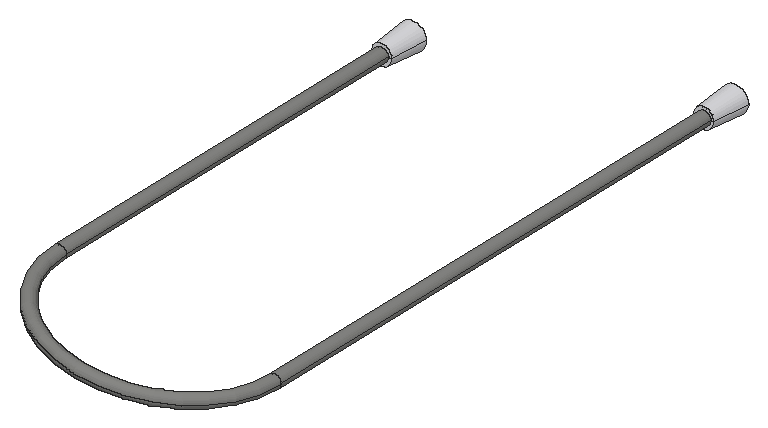
Revit family "Shower-Shower_Hose-KOHLER-K-11628BR_1", category Plumbing Fixtures, host Face, Revit 2017
Family settings
  Host = Face
  Round Connector Dimension = Use Diameter
  Part Type = Normal
  OmniClass Number = 23.31.17.00
  OmniClass Title = Showers
  Cut with Voids When Loaded = No
  Shared = No
  Room Calculation Point = No
Parameters (values of type "CP-Polished Chrome")
  Width = 1/2"  # constant formula
  WaterSense Certified = 1 = 0  # no
  Waste Water Outlet = "Waste Water Outlet"  # constant formula
  Waste Connection = 1 = 0  # no
  Vent Connection = 1 = 0  # no
  URL = "https://br.kohler.com/"
  Type = 1
  Tempered Water Supply2 = "Tempered Water Supply2"  # constant formula
  Tempered Water Supply1 = "Tempered Water Supply1"  # constant formula
  Product Page URL = "https://br.kohler.com/product-detail/11628br?skuid=K-11628BR-CP"
  Product Name = ""
  Product Documentation Link = "http://resources.kohler.com/plumbing/kohlerbrazil/pdf/K-11628BR_spec_br.pdf"
  Pipe Finish = Kohler-Plastic-58-Thunder_Grey
  Model = if(Type = 1, "K-11628BR-CP", if(Type = 2, "K-11628BR-BN", if(Type = 3, "K-11628BR-BL", if(Type = 4, "K-11628BR-RGD", "NA"))))  # "K-11628BR-CP"
  Material = "Premium Metal Construction"  # constant formula
  MasterFormat 2004 = "22.41.23"  # constant formula
  MasterFormat 1995 = "15410"  # constant formula
  Manufacturer Address = "Rio de Janeiro MULTIREPAROS RUA BATISTA DA COSTA, Nº 352 | STORE B Rio de Janeiro SÃO GONÇALO 24450-470"  # constant formula
  Manufacturer = "KOHLER Co."  # constant formula
  Length = 59 1/16"  # constant formula
  Hot Water Inlet = "Hot Water Inlet"  # constant formula
  Height = Length  # 59 1/16"
  HW Connection = 1 = 1  # yes
  Finish = Kohler-Metal-CP-Polished_Chrome
  Environmental Product Declaration = ""
  Drain Included = 1 = 0  # no
  Distance Between Connectors [instance] = 8"
  Description = "Smooth flexible for hand shower 1.50m"  # constant formula
  Default Elevation = 15"
  Declare Label = ""
  Date Modified = "09/01/2021"  # constant formula
  Date Created = "09/01/2021"  # constant formula
  Copyright = "Copyright KOHLER Co."  # constant formula
  Contact Us = "https://br.kohler.com/asr-listing"
  Connector1 Distance From Wall [instance] = 4"
  Connector2 Distance From Wall [instance] = 5 1/2"
  Connector 2 Length [instance] = 15"
  Connector 1 Length [instance] = 20"
  Cold Water Inlet = "Cold Water Inlet"  # constant formula
  CW Connection = 1 = 0  # no
  Assembly Code = "D2010700"
  ADA Compliant = 1 = 0  # no
Types (5): name | Type | Product Page URL | Model | Finish
  (no name) | 1 | "https://br.kohler.com/product-detail/11628br?skuid=K-11628BR-CP" | "K-11628BR-CP" | Kohler-Metal-CP-Polished_Chrome
  CP-Polished Chrome | 1 | "https://br.kohler.com/product-detail/11628br?skuid=K-11628BR-CP" | "K-11628BR-CP" | Kohler-Metal-CP-Polished_Chrome
  BN-Vibrant Brushed Nickel | 2 | "https://br.kohler.com/product-detail/11628br?skuid=K-11628BR-BN" | "K-11628BR-BN" | Kohler-Metal-BN-Vibrant_Brushed_Nickel
  BL-Matte Black | 3 | "https://br.kohler.com/product-detail/11628br?skuid=K-11628BR-BL" | "K-11628BR-BL" | Kohler-Metal-BL-Matte_Black
  RGD-Polished Rose Gold | 4 | "https://br.kohler.com/product-detail/11628br?skuid=K-11628BR-RGD" | "K-11628BR-RGD" | Kohler-Metal-RGD-Polished_Rose_Gold
Reference planes (in)
  plane 1 "Center (Front/Back)": y = 0
  plane 2: z = 0
  plane 3 "Center (Left/Right)": x = 0
  plane 4: x = -8
  plane 5: y = 15
  plane 6: y = 20
  plane 7: y = 21.4375
  plane 8: y = 16.4375
  plane 9: z = 5.5
  plane 10: z = 4
  plane 11: x = -4
Dimensions and locks (in)
  "Connector 2 Length": plane 1 "Center (Front/Back)" to plane 5
  "Connector 1 Length": plane 1 "Center (Front/Back)" to plane 6
  "Distance Between Connectors": plane 4 to plane 3 "Center (Left/Right)"
  locked: plane 6 to plane 7 at 1.4375
  locked: plane 5 to plane 8 at 1.4375
  "Connector2 Distance From Wall": plane 9 to level
  "Connector1 Distance From Wall": plane 10 to level
  equal spacing: plane 4, plane 11, plane 3 "Center (Left/Right)"
  aligned and locked: plane 2 to host face
  aligned and locked: level to host face
Automatic sketch dimensions
  host sketch curve to host sketch curve = 96"  (x2)
Nested families (in)
  nested 1: "K-11628BR" at (0, 0, 0), Connector Length1 <- "Connector 1 Length", Connector Length2 <- "Connector 2 Length", Dist Between Connector <- "Distance Between Connectors", Dist Form Wall1 <- "Connector2 Distance From Wall", Dist Form Wall2 <- "Connector1 Distance From Wall", type "K-11628BR"
    with Dist Form Wall2 4", Dist Form Wall1 5 1/2", Dist Between Connector 8", Connector Length2 15", Connector Length1 20"
Connectors (in)
  piping at (0, 21.4375, 4), diameter 0.5, driven by "HW Connection", driven by "Tempered Water Supply1"
    settings: on nested 1, index 1, connector inside diameter 24", connector length 0", flow factor 0, pipe flow 0 GPM, pressure drop 0.00 psi, fitting loss kfactor 0, connector angle 0.00°, fixture units 0, engagement length 0", angle of deflection 0.00°, flow configuration 0, flow direction 0, fitting loss method 0, system type 19, joint type 0, gender type 0, connector reference index -1, connector utility 1, adjustable connector no, is connector primary yes, connector description "Tempered Water Supply1"
  piping at (-8, 16.4375, 5.5), diameter 0.5, driven by "HW Connection", driven by "Tempered Water Supply2"
    settings: on nested 1, index 2, connector inside diameter 24", connector length 0", flow factor 0, pipe flow 0 GPM, pressure drop 0.00 psi, fitting loss kfactor 0, connector angle 0.00°, fixture units 0, engagement length 0", angle of deflection 0.00°, flow configuration 0, flow direction 0, fitting loss method 0, system type 19, joint type 0, gender type 0, connector reference index -1, connector utility 1, adjustable connector no, is connector primary no, connector description "Tempered Water Supply2"
Definition of nested family "K-11628BR"
  Parameters (values of type "K-11628BR")
    Pipe Material = none
    Material = none
    Hose = yes
    Dist Form Wall2 [instance] = 5 1/2"
    Dist Form Wall1 [instance] = 4"
    Dist Between Connector [instance] = 6"
    Connector Length2 [instance] = 12"
    Connector Length1 [instance] = 15"
  Reference planes (in)
    plane 1 "Center (Front/Back)": y = 0
    plane 2: z = 0
    plane 3 "Center (Left/Right)": x = 0
    plane 4: y = 12
    plane 5: y = 15
    plane 6: x = -6
    plane 7 "D1": z = 4
    plane 8 "D2": z = 5.5
  Forms (in)
    Revolve 1, solid, material <- "Material"
      sketch origin (0, 0, 4) x (-1, 0, 0) y (0, -1, 0)
        loop
          line (5.625, -12) -> (5.5, -13.4375) -> (6, -13.4375) -> (6, -12) -> (5.625, -12)
        axis (6, -13.4375) -> (6, -12)
      angle from 0 to 360
    Revolve 2, solid, material <- "Material"
      sketch origin (0, 0, 5.5) x (-1, 0, 0) y (0, -1, 0)
        loop
          line (-0.375, -15) -> (-0.5, -16.4375) -> (0, -16.4375) -> (0, -15) -> (-0.375, -15)
        axis (0, -16.4375) -> (0, -15)
      angle from 0 to 360
    Sweep 3, solid, material <- "Pipe Material"
      path origin (0, 0, 4) x (-1, 0, 0) y (0, -1, 0)
        loop
          line (6, -12) -> (6, 0)
      profile origin (-6, 6, 4) x (1, 0, 0) y (0, 0, 1)
        loop
          circle (0, 0) r 0.25
    Sweep 4, solid, material <- "Pipe Material"
      path origin (0, 0, 5.5) x (-1, 0, 0) y (0, -1, 0)
        loop
          line (0, -15) -> (0, 0)
      profile origin (0, 7.5, 5.5) x (1, 0, 0) y (0, 0, 1)
        loop
          circle (0, 0) r 0.25
    Sweep 5, solid, material <- "Pipe Material"
      path origin (0, 0, 5.5) x (-0.970143, 0, -0.242536) y (0, -1, 0)
        loop
          arc (6.18466, 0) -> (3.09233, 3.09233) -> (0, 0) r 3.09233
      profile origin (0, 0, 5.5) x (-0.970143, 0, -0.242536) y (-0.242536, 0, 0.970143)
        loop
          circle (0, 0) r 0.25
  Cuts and joins
    joined: Sweep 3, Sweep 4, Sweep 5
  Lines and regions (in)
    reference lines
      curve 1: line (0, 0, 5.5) -> (-6, 0, 4)
  Dimensions and locks (in)
    "Connector Length2": plane 1 "Center (Front/Back)" to plane 4
    "Connector Length1": plane 5 to plane 1 "Center (Front/Back)"
    "Dist Between Connector": plane 6 to plane 3 "Center (Left/Right)"
    locked: plane 6 to Revolve 1 sketch curve at 0.375
    locked: plane 3 "Center (Left/Right)" to Revolve 2 sketch curve at 0.5
    locked: plane 3 "Center (Left/Right)" to Revolve 2 sketch curve at 0.375
    "Dist Form Wall1": plane 7 "D1" to level
    "Dist Form Wall2": plane 8 "D2" to level
    locked: Revolve 2 sketch curve to Revolve 2 sketch curve at 1.4375
    locked: Revolve 1 sketch curve to Revolve 1 sketch curve at 1.4375
    locked: plane 6 to Revolve 1 sketch curve at 0.5
    aligned and locked: plane 2 to level
    aligned and locked: Revolve 1 sketch curve to plane 6
    aligned and locked: plane 6 to Revolve 1 sketch curve
    aligned and locked: Revolve 1 sketch curve to plane 4
    aligned and locked: plane 3 "Center (Left/Right)" to Revolve 2 sketch curve
    aligned and locked: Revolve 2 sketch curve to plane 3 "Center (Left/Right)"
    aligned and locked: plane 5 to Revolve 2 sketch curve
    aligned and locked: plane 6 to Sweep 3 sketch curve
    aligned and locked: plane 4 to Sweep 3 sketch curve
    aligned and locked: plane 1 "Center (Front/Back)" to Sweep 3 sketch curve
    aligned and locked: Sweep 4 sketch curve to plane 3 "Center (Left/Right)"
    aligned and locked: plane 5 to Sweep 4 sketch curve
    aligned and locked: plane 1 "Center (Front/Back)" to Sweep 4 sketch curve
    aligned and locked: plane 8 "D2" to curve 1
    aligned and locked: plane 3 "Center (Left/Right)" to curve 1
    aligned and locked: plane 6 to curve 1
    aligned and locked: plane 7 "D1" to curve 1
    aligned and locked: Sweep 5 sketch curve to Sweep 4
  Automatic sketch dimensions
    Sweep 3 sketch curve to plane 7 "D1" = 0"
    profile plane to Sweep 3 sketch curve = 0"
    Sweep 4 sketch curve to plane 8 "D2" = 0"
    profile plane to Sweep 4 sketch curve = 0"
    Sweep 5 sketch curve to curve 1 = 0"  (x3)
    Revolve 1 sketch curve to Revolve 1 sketch curve = 0.45153"
    plane 4 to Revolve 1 sketch curve = 0.13902"
    plane 5 to Revolve 2 sketch curve = 0.45153"
    Revolve 2 sketch curve to plane 5 = 0.13902"
    radius of Sweep 3 sketch curve = 1/4"
    radius of Sweep 4 sketch curve = 1/4"
